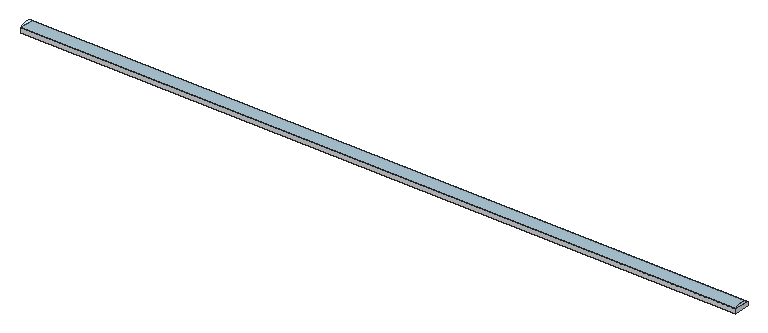
Revit family "127V DOBLE 5050 IP65_L14110UWW_NW", category Luminarias, Revit 2019
Family settings
  Cota de conector redondo = Diámetro de uso
  Tipo de pieza = Normal
  Se basa en plano de trabajo = Sí
  Siempre vertical = No
  Corte con vacíos al cargar = No
  Origen de luz = Sí
  Compartido = No
  Punto de cálculo de habitación = No
Parameters (values of type "127V DOBLE 5050 IP65_L14110NW")
  Tilt Angle = 60.00°
  built-in parameter 1010506 = 0.5236 (stored number, unit not read)
  built-in parameter 1010507 = 1.5708 (stored number, unit not read)
  Zone [instance] = ""
  Watt per fixture [instance] = (Longitud / 1000 mm) * (20)  # 20
  Wattage = 20 W
  built-in parameter 1150107 = 4500 (stored number, unit not read)
  built-in parameter 1150110 = 1 (stored number, unit not read)
  built-in parameter 1150109 = 1 (stored number, unit not read)
  built-in parameter 1150112 = 1 (stored number, unit not read)
  built-in parameter 1150113 = 1 (stored number, unit not read)
  built-in parameter 1114218 = 1 (stored number, unit not read)
  built-in parameter 1150137 = (empty or 0)
  built-in parameter 1150132 = (empty or 0)
  Modelo = "L14110NW"
  Lámpara = "5050 SMD"
  Light Source Symbol Length = 3048 mm
  Longitud de línea de emisión = 600 mm
  Longitud [instance] = 1000 mm
  LCl2 Conector Intermedio [instance] = 0
  LCL2 Clips de Sujecion [instance] = (Longitud / 1000 mm) * (4)  # 4
  LCG2 Funda Termo contractil [instance] = (LCC2 Convertidor de Corriente) * (2)  # 2
  LCF2 Tapa Final [instance] = (LCC2 Convertidor de Corriente) * (1)  # 1
  LCC2 Convertidor de Corriente [instance] = 1
  LCA2 Conector Aguja [instance] = (LCC2 Convertidor de Corriente) * (1)  # 1
  built-in parameter 1150105 = 4069.1 (stored number, unit not read)
  built-in parameter 1150102 = (empty or 0)
  built-in parameter 1150106 = 40.691 (stored number, unit not read)
  Lumens = 1217 lm
  Color Filter = 16777215
  built-in parameter 1114217 = 1 (stored number, unit not read)
  built-in parameter 1150139 = (empty or 0)
  Fabricante = "BRILLANT"
  Default Elevation = 0 mm
  built-in parameter 1150104 = 5.6531 (stored number, unit not read)
  Descripción = "TIRA LED DOBLE DE PCB CON RECUBRIMIENTO DE PLASTICO 21MM MONOCROMATICA , CON UNA POTENCIA DE 20W/M DE UN TIPO DE LED 5050 SMD, USO PARA INTERIORES COMO EXTERIORES IP65, IRC80, 144 LEDS POR METRO, PRESENTACION DE 50M, TEMPERATURA EN BLANCO FRIO 4500K, 1217 LUMENES POR METRO, EFICIENCIA DE 60.85 LM/W, CORTE A 50CM, ALIMENTADA A 127V, REQUIERE ACCESORIOS COMO CONVERTIDOR DE CORRIENTE (1 POR SEGMENTO DE TIRA), CONECTOR INTERMEDIO (CONSIDERAR EN CORTES DE TIRA O ANGULOS CERRADOS), CONECTOR AGUJA (CONSIDERAR 1PZA PRO CADA CONVERTIDOR), FUNDA TERMOCONTRACTIL (CONSIDERAR 2PZAS POR SEGMENTO DE TIRA), TAPA FINAL (CONSIDERAR 1PZA POR SEGMENTO DE TIRA) Y CLIPS DE SUJECION (CONSIDERAR 4 PZAS POR 1M)"
  built-in parameter 1150115 = 1 (stored number, unit not read)
  built-in parameter 1150114 = 1 (stored number, unit not read)
  Costo USD_L14110 [instance] = (Longitud / 1000 mm) * (20)  # 20
  Cost = 0
  Comentarios de vataje = "127V"
  built-in parameter 1150138 = (empty or 0)
  built-in parameter 1150134 = (empty or 0)
  Circuit [instance] = ""
  Dimming Lamp Color Temperature Shift = (empty or 0)
  Longitud de símbolo de origen de luz = 3048 mm
Types (2, lengths in mm): name | built-in parameter 1150107 | Modelo | Descripción
  127V DOBLE 5050 IP65_L14110UWW | 2400 (stored number, unit not read) | "L14110UWW" | "TIRA LED DOBLE DE PCB CON RECUBRIMIENTO DE PLASTICO 21MM MONOCROMATICA , CON UNA POTENCIA DE 20W/M DE UN TIPO DE LED 5050 SMD, USO PARA INTERIORES COMO EXTERIORES IP65, IRC80, 144 LEDS POR METRO, PRESENTACION DE 50M, TEMPERATURA EN BLANCO ULTRA CALIDO 2400K, 1217 LUMENES POR METRO, EFICIENCIA DE 60.85 LM/W, CORTE A 50CM, ALIMENTADA A 127V, REQUIERE ACCESORIOS COMO CONVERTIDOR DE CORRIENTE (1 POR SEGMENTO DE TIRA), CONECTOR INTERMEDIO (CONSIDERAR EN CORTES DE TIRA O ANGULOS CERRADOS), CONECTOR AGUJA (CONSIDERAR 1PZA PRO CADA CONVERTIDOR), FUNDA TERMOCONTRACTIL (CONSIDERAR 2PZAS POR SEGMENTO DE TIRA), TAPA FINAL (CONSIDERAR 1PZA POR SEGMENTO DE TIRA) Y CLIPS DE SUJECION (CONSIDERAR 4 PZAS POR 1M)"
  127V DOBLE 5050 IP65_L14110NW | 4500 (stored number, unit not read) | "L14110NW" | "TIRA LED DOBLE DE PCB CON RECUBRIMIENTO DE PLASTICO 21MM MONOCROMATICA , CON UNA POTENCIA DE 20W/M DE UN TIPO DE LED 5050 SMD, USO PARA INTERIORES COMO EXTERIORES IP65, IRC80, 144 LEDS POR METRO, PRESENTACION DE 50M, TEMPERATURA EN BLANCO FRIO 4500K, 1217 LUMENES POR METRO, EFICIENCIA DE 60.85 LM/W, CORTE A 50CM, ALIMENTADA A 127V, REQUIERE ACCESORIOS COMO CONVERTIDOR DE CORRIENTE (1 POR SEGMENTO DE TIRA), CONECTOR INTERMEDIO (CONSIDERAR EN CORTES DE TIRA O ANGULOS CERRADOS), CONECTOR AGUJA (CONSIDERAR 1PZA PRO CADA CONVERTIDOR), FUNDA TERMOCONTRACTIL (CONSIDERAR 2PZAS POR SEGMENTO DE TIRA), TAPA FINAL (CONSIDERAR 1PZA POR SEGMENTO DE TIRA) Y CLIPS DE SUJECION (CONSIDERAR 4 PZAS POR 1M)"
Reference planes
  plane 1 "Centro (Frontal/Posterior)": y = 0
  plane 2: z = 0
  plane 3 "Centro (Izquierda/Derecha)": x = 0
  plane 4: x = 0
  plane 5: z = 12
  plane 6: x = -1000
Forms (mm)
  Extrusion 1, solid
    sketch origin (0, 0, 0) x (1, 0, 0) y (0, 1, 0)
      loop
        line (-1000, 10.462) -> (-1000, -10.539) -> (0, -10.539) -> (0, 10.462) -> (-1000, 10.462)
    from 0 to 6.038
  Extrusion 2, solid, material "Cristal"
    sketch origin (0, 0, 0) x (0, 1, 0) y (0, 0, 1)
      loop
        arc (10.5, 6.038) -> (0, 10.038) -> (-10.5, 6.038) r 15.781
        line (-10.5, 6.038) -> (10.5, 6.038)
    from -1000 to 0
Dimensions and locks
  "Longitud": plane 6 to plane 4
  "Longitud": plane 6 to plane 3 "Centro (Izquierda/Derecha)"
  aligned and locked: level to plane 2
  aligned and locked: Extrusion 1 to plane 4
  aligned and locked: plane 6 to Extrusion 1
  aligned and locked: Extrusion 2 to Extrusion 1
  aligned and locked: plane 3 "Centro (Izquierda/Derecha)" to Extrusion 2
  aligned and locked: plane 3 "Centro (Izquierda/Derecha)" to Extrusion 1
Automatic sketch dimensions
  Extrusion 1 sketch curve to plane 6 = 0 mm
  Extrusion 1 sketch curve to plane 3 "Centro (Izquierda/Derecha)" = 0 mm
  plane 1 "Centro (Frontal/Posterior)" to Extrusion 1 sketch curve = 10.539 mm
  Extrusion 1 sketch curve to plane 1 "Centro (Frontal/Posterior)" = 10.462 mm
  Extrusion 2 sketch curve to level = 5.743 mm
  Extrusion 2 sketch curve to plane 1 "Centro (Frontal/Posterior)" = 0 mm
  plane 1 "Centro (Frontal/Posterior)" to Extrusion 2 sketch curve = 10.5 mm
  Extrusion 2 sketch curve to plane 5 = 5.962 mm
Connectors
  electrical at (0, -0.038, 3.019)
    settings: on Extrusion 1, index 1, voltage 127 V, apparent load 0 VA, apparent load phase1 0 VA, apparent load phase2 0 VA, apparent load phase3 0 VA, power factor 1, load classification "Otro", number of poles 1, system type 31, power factor state 1, is connector primary yes, connector utility no, sub classification motor no, connector description ""
